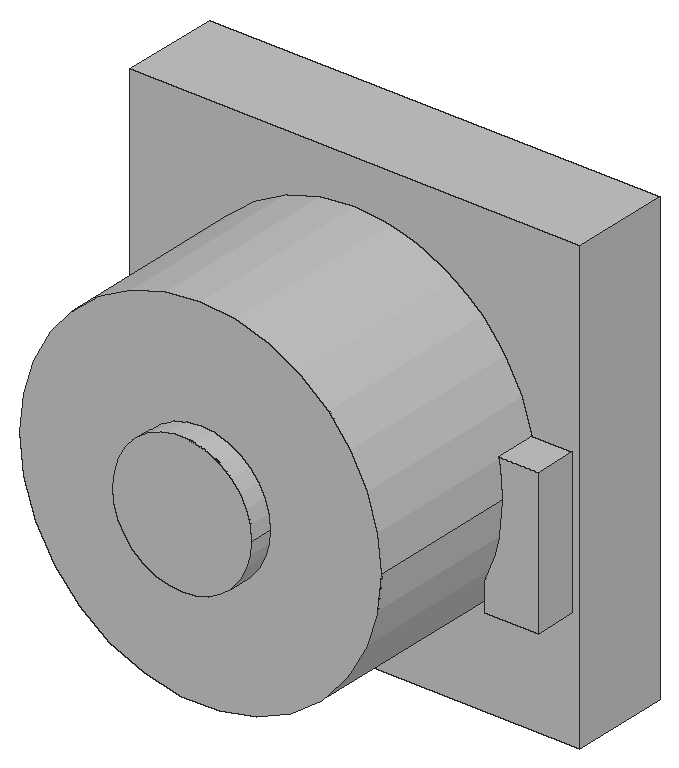
Revit family "ef_eg-20_40ysxc2_a(t)sxc2_b(t)sxc2_d(t)sxc2_csxc2-q_60Hz", category 機械設備, Revit 2019
Family settings
  丸型コネクタ寸法 = 直径を使用
  パーツ タイプ = 標準
  OmniClass 番号 = 23.75.35.21.17
  OmniClass タイトル = Industrial Ventilating Equipment
  作業面ベース = いいえ
  常に垂直 = はい
  ロード時にボイドで切り取り = はい
  共有 = いいえ
  部屋計算ポイント = はい
Parameters (values of type "EF-20YSXC2-Q")
  騒音レベル(dB(A)) [instance] = 40.5
  風量 [instance] = 設計風量  # 0.0 m³/h
  電源種別 [instance] = ""
  電圧 = 100 V
  電動機出力 = 15 W
  電動機_種別 [instance] = ""
  運転質量 = 0.00 kg
  連動 [instance] = ""
  質量 = if(製品質量 > 運転質量, 製品質量, 運転質量) * 1.2  # 6.36 kg
  負荷分類 = 3_ファン類
  説明 = "産業用有圧換気扇 低騒音形ステンレスタイプ オールステンレスタイプ 給気専用"
  設計風量 [instance] = 0.0 m³/h
  設置方法 = "壁付"
  記号 [instance] = ""
  製造元 = "三菱電機株式会社"
  製品質量 = 5.30 kg
  製品出荷対象 = "国内"
  製品リリース年月 = "2022年6月1日"
  製品グループ = ""
  羽根径 = "∅200"
  レグ_Depth = 207.9 mm
  系統 [instance] = ""
  符号 [instance] = if(☑給気／□排気, "FS", "FE")  # "FS"
  積算_科目 = ""
  積算_拾い区分 [instance] = ""
  相 = 1
  盤記号 [instance] = ""
  盤工事区分 = ""
  発停方法 [instance] = ""
  特殊仕様 [instance] = ""
  火災停止 [instance] = ""
  消費電力 = 29 W
  法定耐用年数 = "15"
  極数 = 2
  極 = 4
  材質 [instance] = ""
  操作・制御方式 = ""
  操作・制御スイッチ = ""
  排気量 [instance] = if(☑給気／□排気, 0.0 m³/h, 設計風量)  # 0.0 m³/h
  形式 = ""
  幹線記号 [instance] = ""
  対象室 [instance] = ""
  実風量 [instance] = 0.0 m³/h
  始動方式 [instance] = "直入"
  外気量 [instance] = if(☑給気／□排気, 設計風量, 0.0 m³/h)  # 0.0 m³/h
  呼称 = "有圧扇"
  周波数 = 60 Hz
  参照している仕様書等のバージョン = ""
  分類コード = "50052503100110"
  分類グループ = ""
  価格 = 156000
  企業コード = "108420"
  付属品_防振装置 = ""
  付属品 [instance] = ""
  仕様書バージョン = "Version1.0"
  レグ_Width = 413 mm
  レグ_Height = 413 mm
  モーター径 = 99 mm
  モデル = "EF-20YSXC2-Q"
  ボックス_Width = 38.1 mm
  ボックス_Height = 102.6 mm
  ボックス_Depth = 100.8 mm
  フレームの厚さ = 71 mm
  ファンの種類 = "軸流羽根"
  コメント [instance] = ""
  Keynote = ""
  オリフィス_Depth = 45 mm
  ☑給気／□排気 [instance] = yes
  Width = 320 mm
  Version = ""
  Uniclass2015Version = "Systems v1.9"
  Uniclass2015Title = "Propeller fans"
  Uniclass2015Code = "Pr_65_67_29_67"
  URL = "https://www.mitsubishielectric.co.jp/ldg/wink/ssl/displayProduct.do?pid=319141"
  SpecificationReference = ""
  SpecificationDescription = ""
  Revision = ""
  ProductInformation = ""
  OmniClassCode = "23-33 31 19 11 17"
  MIN風量 = 0.0 m³/h
  MID風量 = 0.0 m³/h
  MAX風量 = 780.0 m³/h
  IfcTypeProduct = ""
  IfcProduct = ""
  IfcExportType = "TUBEAXIAL"
  IfcExportAs = "IfcFanType"
  Height = 320 mm
  オリフィス径 = 257 mm
  Depth = 224 mm
  Box_W = 116.5 mm
  Box_H = 84.2 mm
  Author = "三菱電機株式会社"
Types (11, lengths in mm): name | 騒音レベル(dB(A)) | 電圧 | 電動機出力 | 質量 | 製品質量 | 羽根径 | レグ_Depth | 相 | 消費電力 | 極数 | 極 | 価格 | モーター径 | モデル | ボックス_Width | ボックス_Height | ボックス_Depth | フレームの厚さ | Width | URL | MAX風量 | Height | オリフィス径 | Depth | Box_W | Box_H
  EF-20YSXC2-Q | 40.5 | 100 V | 15 W | 6.36 kg | 5.30 kg | "∅200" | 207.9 | 1 | 29 W | 2 | 4 | 156000 | 99 | "EF-20YSXC2-Q" | 38.1 | 102.6 | 100.8 | 71 | 320 | "https://www.mitsubishielectric.co.jp/ldg/wink/ssl/displayProduct.do?pid=319141" | 780.0 m³/h | 320 | 257 | 224 | 116.5 | 84.2
  EF-25ASXC2-Q | 42.5 | 100 V | 25 W | 7.20 kg | 6.00 kg | "∅250" | 207.9 | 1 | 53 W | 2 | 4 | 161000 | 99 | "EF-25ASXC2-Q" | 46.1 | 130.6 | 105.8 | 71 | 370 | "https://www.mitsubishielectric.co.jp/ldg/wink/ssl/displayProduct.do?pid=319145" | 1260.0 m³/h | 370 | 298 | 224 | 137 | 83.2
  EF-30BSXC2-Q | 48 | 100 V | 50 W | 8.40 kg | 7.00 kg | "∅300" | 207.9 | 1 | 73 W | 2 | 4 | 216000 | 99 | "EF-30BSXC2-Q" | 46.1 | 130.6 | 105.8 | 71 | 420 | "https://www.mitsubishielectric.co.jp/ldg/wink/ssl/displayProduct.do?pid=319158" | 1980.0 m³/h | 420 | 348 | 224 | 162 | 108.2
  EF-40DSXC2-Q | 55.5 | 100 V | 200 W | 18.00 kg | 15.00 kg | "∅400" | 249.9 | 1 | 195 W | 2 | 4 | 270000 | 113 | "EF-40DSXC2-Q" | 46.7 | 131.4 | 118.8 | 71 | 520 | "https://www.mitsubishielectric.co.jp/ldg/wink/ssl/displayProduct.do?pid=318479" | 4360.0 m³/h | 520 | 476 | 286 | 213.3 | 184.8
  EG-40CSXC2-Q | 51 | 100 V | 100 W | 18.60 kg | 15.50 kg | "∅400" | 284.9 | 1 | 120 W | 2 | 6 | 258000 | 113 | "EG-40CSXC2-Q" | 46.7 | 131.4 | 153.8 | 106 | 520 | "https://www.mitsubishielectric.co.jp/ldg/wink/ssl/displayProduct.do?pid=318587" | 3660.0 m³/h | 520 | 476 | 321 | 213.3 | 184.8
  EF-25ATXC2-Q_200V | 42.5 | 200 V | 25 W | 7.80 kg | 6.50 kg | "∅250" | 207.9 | 3 | 40 W | 3 | 4 | 161000 | 99 | "EF-25ATXC2-Q" | 46.1 | 130.6 | 105.8 | 71 | 370 | "https://www.mitsubishielectric.co.jp/ldg/wink/ssl/displayProduct.do?pid=319147" | 1260.0 m³/h | 370 | 298 | 224 | 137 | 83.2
  EF-30BTXC2-Q_200V | 48.5 | 200 V | 50 W | 9.00 kg | 7.50 kg | "∅300" | 207.9 | 3 | 65 W | 3 | 4 | 216000 | 99 | "EF-30BTXC2-Q" | 46.1 | 130.6 | 105.8 | 71 | 420 | "https://www.mitsubishielectric.co.jp/ldg/wink/ssl/displayProduct.do?pid=318933" | 1980.0 m³/h | 420 | 348 | 224 | 162 | 108.2
  EF-40DTXC2-Q_200V | 57.5 | 200 V | 200 W | 18.00 kg | 15.00 kg | "∅400" | 249.9 | 3 | 177 W | 3 | 4 | 270000 | 113 | "EF-40DTXC2-Q" | 46.7 | 131.4 | 118.8 | 71 | 520 | "https://www.mitsubishielectric.co.jp/ldg/wink/ssl/displayProduct.do?pid=318484" | 4360.0 m³/h | 520 | 476 | 286 | 213.3 | 184.8
  EF-25ATXC2-Q_220V | 43 | 220 V | 25 W | 7.80 kg | 6.50 kg | "∅250" | 207.9 | 3 | 43 W | 3 | 4 | 161000 | 99 | "EF-25ATXC2-Q" | 46.1 | 130.6 | 105.8 | 71 | 370 | "https://www.mitsubishielectric.co.jp/ldg/wink/ssl/displayProduct.do?pid=319147" | 1260.0 m³/h | 370 | 298 | 224 | 137 | 83.2
  EF-30BTXC2-Q_220V | 49 | 220 V | 50 W | 9.00 kg | 7.50 kg | "∅300" | 207.9 | 3 | 71 W | 3 | 4 | 216000 | 99 | "EF-30BTXC2-Q" | 46.1 | 130.6 | 105.8 | 71 | 420 | "https://www.mitsubishielectric.co.jp/ldg/wink/ssl/displayProduct.do?pid=318933" | 1980.0 m³/h | 420 | 348 | 224 | 162 | 108.2
  EF-40DTXC2-Q_220V | 58 | 220 V | 200 W | 18.00 kg | 15.00 kg | "∅400" | 249.9 | 3 | 188 W | 3 | 4 | 270000 | 113 | "EF-40DTXC2-Q" | 46.7 | 131.4 | 118.8 | 71 | 520 | "https://www.mitsubishielectric.co.jp/ldg/wink/ssl/displayProduct.do?pid=318484" | 4360.0 m³/h | 520 | 476 | 286 | 213.3 | 184.8
Reference planes
  plane 1 "中心(正面/背面)": y = 0
  plane 2: z = 0
  plane 3 "中心(左/右)": x = 0
  plane 4: z = 0
  plane 5: through (212.832, -1524, 243.759) normal (-0.6508, 0, -0.7593)
  plane 6: through (-212.884, -1524, -243.751) normal (0.6508, 0, 0.7593)
  plane 7: through (208.307, -1524, -247.63) normal (-0.6508, 0, 0.7593)
  plane 8: z = 160
  plane 9: z = -160
  plane 10 "左": x = -160
  plane 11 "右": x = 160
  plane 12 "正面": y = -224
  plane 13: y = -71
  plane 14: through (-208.307, -1524, -247.63) normal (-0.6508, 0, -0.7593)
  plane 15: y = 26
  plane 16: y = 126
  plane 17: x = -250
  plane 18: x = 250
  plane 19: y = -100.8
  plane 20: y = -207.9
  plane 21: x = 116.5
  plane 22: x = 154.6
  plane 23: z = 26.8
  plane 24: z = -75.8
Forms (mm)
  Extrusion 1, solid, detail levels fine
    sketch origin (0, 0, 0) x (1, 0, 0) y (0, 1, 0)
      loop
        line (-160, 0) -> (-160, -71) -> (160, -71) -> (160, 0) -> (-160, 0)
    from -160 to 160
  Extrusion 2, solid, detail levels fine
    sketch origin (140, -23.659, 0) x (-1, 0, 0) y (0, 0, -1)
      loop
        circle (140, 0) r 49.5
    from 184.241 to 200.341
  Extrusion 3, solid
    sketch origin (0, -153.783, 0) x (1, 0, 0) y (0, 0, 1)
      loop
        circle (0, 0) r 128.5
    from -82.783 to 54.117
  Extrusion 4, solid
    sketch origin (0, -224, 0) x (0, 0, -1) y (1, 0, 0)
      loop
        line (-26.8, 116.5) -> (75.8, 116.5) -> (75.8, 154.6) -> (-26.8, 154.6) -> (-26.8, 116.5)
    from -153 to -123.2
Cuts and joins
  joined: Extrusion 3, Extrusion 4
Lines and regions (mm)
  Masking region 1, detail levels coarse+medium
    outline origin (0, 0, 0) x (1, 0, 0) y (0, 1, 0)
      loop
        line (-250, -224) -> (250, -224) -> (250, 26) -> (-250, 26) -> (-250, -224)
  Masking region 2, detail levels coarse+medium
    outline origin (0, 0, 0) x (1, 0, 0) y (0, 1, 0)
      loop
        line (-124, 26) -> (124, 26) -> (124, 126) -> (-124, 126) -> (-124, 26)
  symbolic lines, detail levels coarse+medium
    curve 1: circle (124, -223.9, 0) r 115 normal (0, 0, 1)
    curve 2: circle (-124, -223.9, 0) r 115 normal (0, 0, -1)
Dimensions and locks
  level to plane 4 = 0 mm
  equal spacing: plane 8, level, plane 9
  "Depth": plane 12 "正面" to plane 1 "中心(正面/背面)"  (x2)
  "Width": plane 10 "左" to plane 11 "右"
  "Height": plane 8 to plane 9
  "フレームの厚さ": plane 13 to plane 1 "中心(正面/背面)"
  plane 12 "正面" to plane 15 to plane 16 = 250 mm locked, 100 mm locked
  locked: plane 17 to plane 18 at 500
  "レグ_Depth": plane 1 "中心(正面/背面)" to plane 20
  equal spacing: plane 10 "左", plane 3 "中心(左/右)", plane 11 "右"
  "ボックス_Width": plane 22 to plane 21
  "ボックス_Height": plane 23 to plane 24
  "Box_H": plane 24 to plane 9
  "Box_W": plane 21 to plane 3 "中心(左/右)"
  "ボックス_Depth": plane 1 "中心(正面/背面)" to plane 19
  "オリフィス径": diameter of Extrusion 3 sketch curve
  "モーター径": diameter of Extrusion 2 sketch curve
  aligned and locked: level to plane 2
  aligned and locked: Extrusion 1 to plane 8
  aligned and locked: plane 10 "左" to Extrusion 1
  aligned and locked: Extrusion 1 to plane 11 "右"
  aligned and locked: plane 9 to Extrusion 1
  aligned and locked: Extrusion 1 to plane 13
  aligned and locked: Extrusion 1 to plane 1 "中心(正面/背面)"  (x5)
  aligned and locked: plane 12 "正面" to Extrusion 2
  aligned and locked: plane 1 "中心(正面/背面)" to Extrusion 1  (x2)
  aligned and locked: plane 4 to Extrusion 2 sketch curve
  aligned and locked: plane 12 "正面" to Masking region 1 sketch curve
  aligned and locked: plane 17 to Masking region 1 sketch curve
  aligned and locked: plane 15 to Masking region 1 sketch curve
  aligned and locked: plane 18 to Masking region 1 sketch curve
  aligned and locked: Masking region 2 sketch curve to plane 15
  aligned and locked: plane 16 to Masking region 2 sketch curve
  aligned and locked: Extrusion 3 to Extrusion 1
  aligned and locked: plane 20 to Extrusion 2
  aligned and locked: Extrusion 3 to plane 20
  aligned and locked: Extrusion 4 sketch curve to plane 23
  aligned and locked: plane 21 to Extrusion 4 sketch curve
  aligned and locked: plane 24 to Extrusion 4 sketch curve
  aligned and locked: Extrusion 4 sketch curve to plane 22
  aligned and locked: plane 13 to Extrusion 4
  aligned and locked: Extrusion 4 to plane 19
Automatic sketch dimensions
  Extrusion 1 sketch curve to plane 10 "左" = 0 mm
  Extrusion 1 sketch curve to plane 11 "右" = 0 mm
  Extrusion 1 sketch curve to plane 13 = 0 mm
  plane 1 "中心(正面/背面)" to Extrusion 1 sketch curve = 0 mm
  Extrusion 3 sketch curve to level = 0 mm
  Extrusion 3 sketch curve to plane 3 "中心(左/右)" = 0 mm
  curve 2 to plane 20 = 16 mm
  curve 1 to plane 20 = 16 mm
  curve 2 to plane 10 "左" = 36 mm
  Masking region 2 sketch curve to plane 10 "左" = 36 mm
  plane 11 "右" to curve 1 = 36 mm
  plane 11 "右" to Masking region 2 sketch curve = 36 mm
  Extrusion 2 sketch curve to plane 3 "中心(左/右)" = 0 mm
  radius of curve 1 = 115 mm
  radius of curve 2 = 115 mm
Connectors
  electrical at (160, -35.5, 0), driven by "電圧", driven by "負荷分類", driven by "消費電力", driven by "極数"
    settings: on Extrusion 1, index 2, voltage 100 V, apparent load 29 VA, apparent load phase1 0 VA, apparent load phase2 0 VA, apparent load phase3 0 VA, power factor 1, load classification "3_ファン類", number of poles 2, system type 30, power factor state 1, is connector primary yes, connector utility no, sub classification motor no, connector description ""
